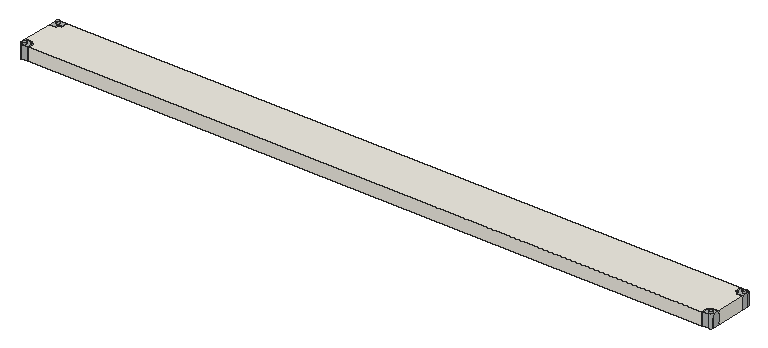
Revit family "HIGHTECH", category Осветительные приборы, Revit 2019 (continued)
Types (32, lengths in mm): name | Файл фотометрической сетки | built-in parameter 1150105 | Lumens | built-in parameter 1150106 | built-in parameter 1150142 | Wattage | Emit from Rectangle Width | Emit from Rectangle Length | Длина | Ширина | ADSK_Ток | ADSK_Полная мощность | ADSK_Обозначение | ADSK_Номинальная мощность | ADSK_Наименование | ADSK_Масса | ADSK_Код изделия
    8 0.098 0.098 0.098 0.098 0.098 0.098 0.000 0.000 0.000 0.000 \r\n1417.637 1417.044 1413.295 1407.474 1398.890 1388.135 1374.815 1358.437 1340.184 1319.661 1296.869 1271.808 1244.971 1216.258 1185.673 1153.507 1120.158 1085.131 \r\n1048.823 1011.329 973.046 933.284 893.127 851.884 810.741 768.314 725.888 683.165 639.752 596.240 552.728 509.019 465.902 422.686 379.371 337.044 295.505 254.757 215.388 176.909 \r\n138.232 103.698 70.942 40.157 12.136 0.592 0.592 0.592 0.493 0.493 0.493 0.493 0.493 0.493 0.493 0.395 0.395 0.395 0.395 0.395 0.395 0.395 0.395 0.296 0.296 0.296 0.296 0.296 0.296 0.296 0.296 0.197 \r\n0.197 0.197 0.197 0.197 0.197 0.197 0.197 0.098 0.098 0.098 0.098 0.098 0.098 0.098 0.098 0.000 0.000 0.000 0.000 \r\n1417.637 1416.946 1413.197 1407.376 1398.693 1387.839 1374.520 1358.042 1339.789 1319.168 1296.376 1271.315 1244.477 1215.765 1185.179 1152.915 1119.566 1084.539 \r\n1048.230 1010.638 972.356 932.594 892.436 851.194 810.050 767.623 725.197 682.474 639.160 595.649 552.038 508.427 465.310 422.094 378.878 336.550 295.111 254.362 214.895 176.514 \r\n137.935 103.403 70.744 39.960 11.939 0.592 0.592 0.592 0.493 0.493 0.493 0.493 0.493 0.493 0.493 0.395 0.395 0.395 0.395 0.395 0.395 0.395 0.395 0.296 0.296 0.296 0.296 0.296 0.296 0.296 0.296 0.197 \r\n0.197 0.197 0.197 0.197 0.197 0.197 0.197 0.098 0.098 0.098 0.098 0.098 0.098 0.098 0.098 0.000 0.000 0.000 0.000 \r\n1417.637 1416.946 1413.098 1407.178 1398.495 1387.544 1374.223 1357.747 1339.395 1318.773 1295.882 1270.822 1243.886 1215.174 1184.587 1152.323 1118.974 1083.848 \r\n1047.540 1009.947 971.665 931.903 891.746 850.503 809.359 766.933 724.507 681.784 638.470 594.958 551.445 507.836 464.718 421.502 378.287 336.057 294.617 253.967 214.500 176.119 \r\n137.640 103.106 70.447 39.762 11.741 0.592 0.592 0.592 0.493 0.493 0.493 0.493 0.493 0.493 0.493 0.395 0.395 0.395 0.395 0.395 0.395 0.395 0.395 0.296 0.296 0.296 0.296 0.296 0.296 0.296 0.296 0.197 \r\n0.197 0.197 0.197 0.197 0.197 0.197 0.197 0.098 0.098 0.098 0.098 0.098 0.098 0.098 0.098 0.000 0.000 0.000 0.000 \r\n1417.637 1416.848 1412.999 1407.079 1398.298 1387.247 1373.829 1357.352 1339.000 1318.378 1295.488 1270.327 1243.392 1214.680 1183.995 1151.731 1118.283 1083.257 \r\n1046.849 1009.257 970.975 931.113 891.055 849.813 808.668 766.242 723.914 681.093 637.779 594.266 550.755 507.145 464.126 421.009 377.793 335.564 294.222 253.474 214.105 175.823 \r\n137.343 102.810 70.250 39.467 11.445 0.592 0.592 0.592 0.493 0.493 0.493 0.493 0.493 0.493 0.493 0.395 0.395 0.395 0.395 0.395 0.395 0.395 0.395 0.296 0.296 0.296 0.296 0.296 0.296 0.296 0.296 0.197 \r\n0.197 0.197 0.197 0.197 0.197 0.197 0.197 0.098 0.098 0.098 0.098 0.098 0.098 0.098 0.098 0.000 0.000 0.000 0.000 \r\n1417.637 1416.848 1412.901 1406.882 1398.002 1387.051 1373.533 1356.957 1338.605 1317.983 1294.994 1269.834 1242.899 1214.089 1183.403 1151.041 1117.692 1082.665 \r\n1046.257 1008.566 970.284 930.423 890.266 849.121 807.978 765.552 723.224 680.403 637.187 593.675 550.163 506.553 463.534 420.416 377.300 335.071 293.729 253.079 213.712 175.429 \r\n136.949 102.515 69.954 39.269 11.248 0.592 0.592 0.592 0.493 0.493 0.493 0.493 0.493 0.493 0.493 0.395 0.395 0.395 0.395 0.395 0.395 0.395 0.395 0.296 0.296 0.296 0.296 0.296 0.296 0.296 0.296 0.197 \r\n0.197 0.197 0.197 0.197 0.197 0.197 0.197 0.098 0.098 0.098 0.098 0.098 0.098 0.098 0.098 0.000 0.000 0.000 0.000 \r\n1417.637 1416.749 1412.802 1406.684 1397.805 1386.754 1373.237 1356.661 1338.210 1317.589 1294.599 1269.341 1242.406 1213.496 1182.811 1150.448 1117.099 1081.974 \r\n1045.566 1007.974 969.593 929.732 889.575 848.333 807.287 764.861 722.533 679.712 636.496 592.985 549.472 505.960 462.942 419.825 376.707 334.577 293.236 252.684 213.317 175.034 \r\n136.652 102.218 69.659 39.072 11.051 0.592 0.592 0.592 0.493 0.493 0.493 0.493 0.493 0.493 0.493 0.395 0.395 0.395 0.395 0.395 0.395 0.395 0.395 0.296 0.296 0.296 0.296 0.296 0.296 0.296 0.296 0.197 \r\n0.197 0.197 0.197 0.197 0.197 0.197 0.197 0.098 0.098 0.098 0.098 0.098 0.098 0.098 0.098 0.000 0.000 0.000 0.000 \r\n1417.637 1416.749 1412.704 1406.586 1397.607 1386.458 1372.941 1356.266 1337.815 1317.095 1294.106 1268.848 1241.813 1213.003 1182.219 1149.856 1116.409 1081.382 \r\n1044.876 1007.283 968.902 929.042 888.885 847.642 806.597 764.170 721.843 679.120 635.806 592.293 548.881 505.368 462.351 419.332 376.214 334.084 292.841 252.191 212.922 174.738 \r\n136.357 101.922 69.461 38.776 10.853 0.592 0.592 0.592 0.493 0.493 0.493 0.493 0.493 0.493 0.493 0.395 0.395 0.395 0.395 0.395 0.395 0.395 0.395 0.296 0.296 0.296 0.296 0.296 0.296 0.296 0.296 0.197 \r\n0.197 0.197 0.197 0.197 0.197 0.197 0.197 0.098 0.098 0.098 0.098 0.098 0.098 0.098 0.098 0.000 0.000 0.000 0.000 \r\n1417.637 1416.650 1412.604 1406.389 1397.311 1386.162 1372.546 1355.871 1337.421 1316.701 1293.613 1268.355 1241.320 1212.411 1181.627 1149.265 1115.816 1080.691 \r\n1044.284 1006.593 968.212 928.351 888.194 846.951 805.906 763.479 721.151 678.429 635.213 591.702 548.190 504.777 461.758 418.740 375.721 333.591 292.348 251.796 212.527 174.343 \r\n135.962 101.627 69.165 38.579 10.557 0.592 0.592 0.592 0.493 0.493 0.493 0.493 0.493 0.493 0.493 0.395 0.395 0.395 0.395 0.395 0.395 0.395 0.395 0.296 0.296 0.296 0.296 0.296 0.296 0.296 0.296 0.197 \r\n0.197 0.197 0.197 0.197 0.197 0.197 0.197 0.098 0.098 0.098 0.098 0.098 0.098 0.098 0.098 0.000 0.000 0.000 0.000 \r\n1417.637 1416.650 1412.506 1406.191 1397.114 1385.866 1372.250 1355.576 1337.027 1316.307 1293.218 1267.861 1240.827 1211.918 1181.035 1148.672 1115.225 1080.099 \r\n1043.593 1005.902 967.620 927.660 887.503 846.260 805.215 762.789 720.461 677.739 634.523 591.011 547.598 504.086 461.166 418.247 375.129 333.098 291.855 251.401 212.132 173.948 \r\n135.666 101.429 68.968 38.381 10.360 0.592 0.592 0.592 0.493 0.493 0.493 0.493 0.493 0.493 0.493 0.493 0.395 0.395 0.395 0.395 0.395 0.395 0.395 0.296 0.296 0.296 0.296 0.296 0.296 0.296 0.296 0.197 \r\n0.197 0.197 0.197 0.197 0.197 0.197 0.197 0.098 0.098 0.098 0.098 0.098 0.098 0.098 0.098 0.000 0.000 0.000 0.000 \r\n1417.637 1416.650 1412.407 1406.093 1396.917 1385.669 1371.954 1355.181 1336.632 1315.912 1292.725 1267.368 1240.334 1211.325 1180.443 1147.982 1114.633 1079.409 \r\n1042.903 1005.212 966.929 926.969 886.812 845.569 804.524 762.098 719.770 677.048 633.832 590.320 546.907 503.494 460.574 417.654 374.636 332.603 291.460 250.908 211.738 173.653 \r\n135.371 101.133 68.671 38.086 10.163 0.592 0.592 0.592 0.493 0.493 0.493 0.493 0.493 0.493 0.493 0.493 0.395 0.395 0.395 0.395 0.395 0.395 0.395 0.296 0.296 0.296 0.296 0.296 0.296 0.296 0.296 0.197 \r\n0.197 0.197 0.197 0.197 0.197 0.197 0.197 0.098 0.098 0.098 0.098 0.098 0.098 0.098 0.098 0.000 0.000 0.000 0.000 \r\n1417.637 1416.551 1412.309 1405.895 1396.621 1385.373 1371.559 1354.786 1336.237 1315.419 1292.232 1266.875 1239.742 1210.733 1179.851 1147.390 1113.942 1078.816 \r\n1042.310 1004.521 966.238 926.279 886.121 844.879 803.834 761.408 719.080 676.357 633.240 589.728 546.315 502.902 459.982 417.062 374.043 332.110 290.967 250.513 211.343 173.258 \r\n135.074 100.837 68.376 37.888 9.965 0.592 0.592 0.592 0.493 0.493 0.493 0.493 0.493 0.493 0.493 0.493 0.395 0.395 0.395 0.395 0.395 0.395 0.395 0.296 0.296 0.296 0.296 0.296 0.296 0.296 0.296 0.197 \r\n0.197 0.197 0.197 0.197 0.197 0.197 0.197 0.098 0.098 0.098 0.098 0.098 0.098 0.098 0.098 0.000 0.000 0.000 0.000 \r\n1417.637 1416.551 1412.111 1405.796 1396.423 1385.077 1371.264 1354.391 1335.842 1315.024 1291.837 1266.382 1239.248 1210.240 1179.259 1146.798 1113.350 1078.126 \r\n1041.620 1003.831 965.548 925.588 885.431 844.090 803.143 760.717 718.389 675.666 632.549 589.038 545.723 502.310 459.390 416.569 373.550 331.617 290.474 250.119 210.948 172.863 \r\n134.679 100.541 68.178 37.591 9.669 0.592 0.592 0.592 0.493 0.493 0.493 0.493 0.493 0.493 0.493 0.493 0.395 0.395 0.395 0.395 0.395 0.395 0.395 0.296 0.296 0.296 0.296 0.296 0.296 0.296 0.296 0.197 \r\n0.197 0.197 0.197 0.197 0.197 0.197 0.197 0.098 0.098 0.098 0.098 0.098 0.098 0.098 0.098 0.000 0.000 0.000 0.000 \r\n1417.637 1416.453 1412.013 1405.600 1396.226 1384.781 1370.968 1354.095 1335.448 1314.629 1291.344 1265.888 1238.754 1209.648 1178.667 1146.206 1112.758 1077.534 \r\n1040.929 1003.140 964.857 924.898 884.740 843.400 802.453 760.026 717.698 674.976 631.859 588.446 545.032 501.718 458.798 415.977 373.057 331.124 290.079 249.625 210.553 172.567 \r\n134.383 100.245 67.883 37.394 9.472 0.592 0.592 0.592 0.493 0.493 0.493 0.493 0.493 0.493 0.493 0.493 0.395 0.395 0.395 0.395 0.395 0.395 0.395 0.296 0.296 0.296 0.296 0.296 0.296 0.296 0.296 0.197 \r\n0.197 0.197 0.197 0.197 0.197 0.197 0.197 0.098 0.098 0.098 0.098 0.098 0.098 0.098 0.098 0.000 0.000 0.000 0.000 \r\n1417.637 1416.453 1411.914 1405.402 1395.930 1384.583 1370.671 1353.701 1335.053 1314.234 1290.850 1265.395 1238.261 1209.155 1178.075 1145.515 1112.067 1076.844 \r\n1040.239 1002.548 964.167 924.207 883.951 842.708 801.762 759.336 717.008 674.383 631.267 587.755 544.441 501.126 458.206 415.385 372.465 330.631 289.585 249.231 210.160 172.172 \r\n134.088 99.949 67.685 37.198 9.275 0.592 0.592 0.592 0.493 0.493 0.493 0.493 0.493 0.493 0.493 0.493 0.395 0.395 0.395 0.395 0.395 0.395 0.395 0.296 0.296 0.296 0.296 0.296 0.296 0.296 0.296 0.197 \r\n0.197 0.197 0.197 0.197 0.197 0.197 0.197 0.098 0.098 0.098 0.098 0.098 0.098 0.098 0.098 0.000 0.000 0.000 0.000 \r\n1417.637 1416.354 1411.816 1405.303 1395.733 1384.288 1370.276 1353.307 1334.658 1313.741 1290.456 1264.901 1237.669 1208.563 1177.582 1144.923 1111.476 1076.252 \r\n1039.646 1001.857 963.476 923.417 883.260 842.018 801.072 758.644 716.317 673.693 630.576 587.064 543.749 500.435 457.614 414.891 371.972 330.137 289.191 248.836 209.765 171.778 \r\n133.693 99.653 67.389 36.901 9.077 0.592 0.592 0.592 0.493 0.493 0.493 0.493 0.493 0.493 0.493 0.493 0.395 0.395 0.395 0.395 0.395 0.395 0.395 0.296 0.296 0.296 0.296 0.296 0.296 0.296 0.296 0.197 \r\n0.197 0.197 0.197 0.197 0.197 0.197 0.197 0.098 0.098 0.098 0.098 0.098 0.098 0.098 0.098 0.000 0.000 0.000 0.000 \r\n" | 25.582 W | 255 | 1155 | 1195 | 295 | 0.179584 A | 41.3043 VA | "Hightech-38/opal-sand 295х1195 (IP54, 4000К, белый)" | 38 W | "Универсальный светодиодный светильник Hightech-38/opal-sand 295х1195 (IP54, 4000К, белый) c БАП на 1 час" | 2.5 | "ЦБ000007612"
